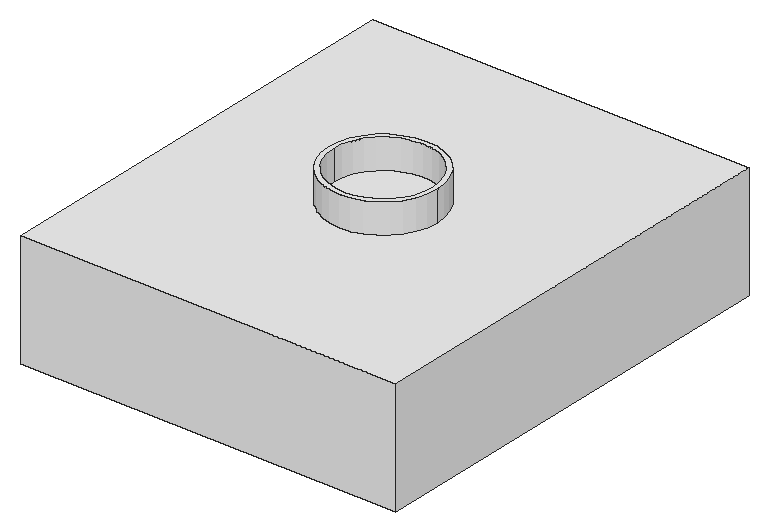
Revit family "Lighting-Recessed-Amerlux-EZRSHW", category Lighting Fixtures, host Face, Revit 2015
Parameters (values of type "Trimless")
  Width = 12 3/16"
  Wattage = 9.2903 W
  built-in parameter 1150110 = 1 (stored number, unit not read)
  Voltage = 0 V
  URL = "http://www.amerlux.com/"
  Trim Size = 4 3/8"
  Trim [instance] = no
  built-in parameter 1114217 = 1 (stored number, unit not read)
  Tilt Angle = -90.00°
  built-in parameter 1150109 = 1 (stored number, unit not read)
  built-in parameter 1150134 = 3
  built-in parameter 1150113 = 1 (stored number, unit not read)
  Power Factor = 1
  Photometric Web File = "generic"
  Number of Poles = 1
  built-in parameter 1150142 = (empty or 0)
  Model Number = ""
  Model = "EZRSHW"
  Manufacturer = "Amerlux"
  built-in parameter 1150105 = 109.82 (stored number, unit not read)
  Lumens = 1380 lm
  built-in parameter 1150115 = 1 (stored number, unit not read)
  built-in parameter 1150137 = (empty or 0)
  built-in parameter 1150139 = (empty or 0)
  Length = 14 1/2"
  built-in parameter 1150112 = 1 (stored number, unit not read)
  built-in parameter 1150114 = 1 (stored number, unit not read)
  Lamp = "LED"
  built-in parameter 1150132 = (empty or 0)
  built-in parameter 1150102 = (empty or 0)
  built-in parameter 1150107 = 3200 (stored number, unit not read)
  built-in parameter 1150138 = (empty or 0)
  built-in parameter 1150106 = 1.0982 (stored number, unit not read)
  Height = 4"
  Emit from Circle Diameter = Aperture Size  # 2 3/4"
  Emit Shape Visible in Rendering = no
  built-in parameter 1150104 = 13.8 (stored number, unit not read)
  Dimming Lamp Color Temperature Shift = <None>
  Dimming = ""
  Description = "Shallow Round Shower"
  Default Elevation = 48"
  Color Filter = 16777215
  built-in parameter 1114218 = 1 (stored number, unit not read)
  built-in parameter 1150133 = 10 (stored number, unit not read)
  Apparent Load = 0 VA
  Aperture Size = 2 3/4"
Types (3): name | Trim
  (no name) | no
  Trim | yes
  Trimless | no
Reference planes (in)
  plane 1 "Center (Front/Back)": y = 0
  plane 2: z = 0
  plane 3 "Center (Left/Right)": x = 0
  plane 4: x = -7.25
  plane 5: x = 7.25
  plane 6: z = -4
  plane 7: y = 6.09375
  plane 8: y = -6.09375
Forms (in)
  Extrusion 1, solid, material "Housing"
    sketch origin (0, 0, 0) x (1, 0, 0) y (0, 1, 0)
      loop
        line (-5.16548, 6.09375) -> (-5.16548, -6.09375) -> (5.22568, -6.09375) -> (5.22568, 6.09375) -> (-5.16548, 6.09375)
    from -4 to -0.8255
  Extrusion 2, solid, material "Trim Finish", visible <- "Trim"
    sketch origin (0, 0, 0) x (1, 0, 0) y (0, 1, 0)
      loop
        circle (0, 0) r 2.1875
      loop
        circle (0, 0) r 1.375
    from 0 to 0.08709
  Extrusion 3, solid, material "Housing"
    sketch origin (0, 0, 0) x (1, 0, 0) y (0, 1, 0)
      loop
        circle (0, 0) r 1.375
      loop
        circle (0, 0) r 1.5
    from -0.8255 to 0
  Extrusion 4, void
    sketch origin (0, 0, 0) x (1, 0, 0) y (0, 1, 0)
      loop
        circle (0, 0) r 1.375
    from -0.8255 to 0.08709
Cuts and joins
  Extrusion 4 cuts Extrusion 2
Dimensions and locks (in)
  "Height": plane 6 to host face
  "Length": plane 4 to plane 5
  equal spacing: plane 7, plane 1 "Center (Front/Back)", plane 8
  equal spacing: plane 4, plane 3 "Center (Left/Right)", plane 5
  "Width": plane 7 to plane 8
  "Aperture Size": diameter of Extrusion 2 sketch curve
  "Trim Size": diameter of Extrusion 2 sketch curve
  "Aperture Size": diameter of Extrusion 3 sketch curve
  "Aperture Size": diameter of Extrusion 4 sketch curve
  aligned and locked: plane 2 to host face
  aligned and locked: level to host face
  aligned and locked: Extrusion 1 to plane 6
  aligned and locked: Extrusion 1 to plane 8
  aligned and locked: Extrusion 3 to Extrusion 1
  aligned and locked: level to Extrusion 3
  aligned and locked: plane 7 to Extrusion 1
Automatic sketch dimensions
  host sketch curve to host sketch curve = 54.51167"
  host sketch curve to host sketch curve = 52.40009"
  plane 4 to Extrusion 1 sketch curve = 2.08452"
  Extrusion 1 sketch curve to plane 5 = 2.02432"
  Extrusion 1 sketch curve to plane 8 = 0"
  Extrusion 1 sketch curve to plane 7 = 0"
  Extrusion 2 sketch curve to Extrusion 2 sketch curve = 0"  (x2)
  plane 1 "Center (Front/Back)" to Extrusion 2 sketch curve = 0"
  Extrusion 2 sketch curve to plane 3 "Center (Left/Right)" = 0"
  Extrusion 3 sketch curve to Extrusion 3 sketch curve = 0"  (x2)
  plane 1 "Center (Front/Back)" to Extrusion 3 sketch curve = 0"
  Extrusion 3 sketch curve to plane 3 "Center (Left/Right)" = 0"
  plane 1 "Center (Front/Back)" to Extrusion 4 sketch curve = 0"
  Extrusion 4 sketch curve to plane 3 "Center (Left/Right)" = 0"
  radius of Extrusion 3 sketch curve = 1 1/2"
Connectors (in)
  electrical at (0.0301, 0, -4), driven by "Number of Poles", driven by "Voltage", driven by "Apparent Load", driven by "Power Factor"
    settings: on Extrusion 1, index 1, voltage 0 V, apparent load 0 VA, apparent load phase1 0 VA, apparent load phase2 0 VA, apparent load phase3 0 VA, power factor 1, load classification "Other", number of poles 1, system type 31, power factor state 1, is connector primary yes, connector utility no, sub classification motor no, connector description "Power"
